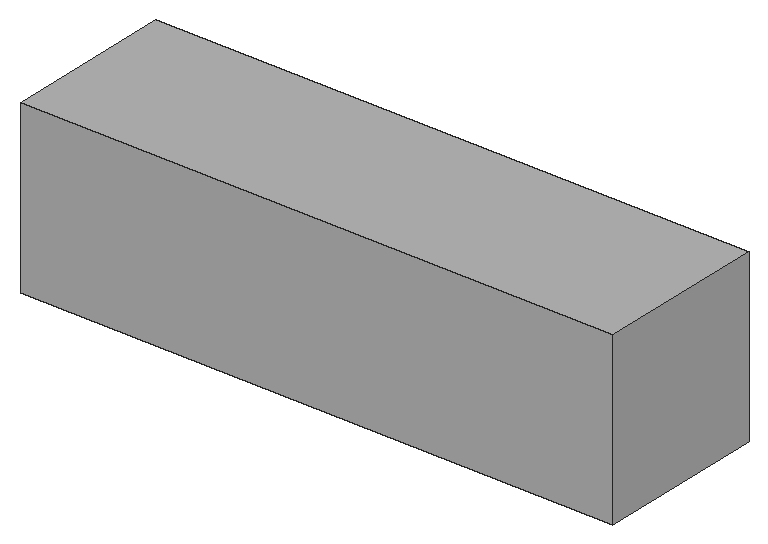
Revit family "215x215x750mm Padstone -PS115", category Generic Models, Revit 2020
Family settings
  Can host rebar = No
  Round Connector Dimension = Use Diameter
  Part Type = Normal
  Work Plane-Based = No
  Always vertical = Yes
  Cut with Voids When Loaded = No
  Shared = No
  Room Calculation Point = No
Parameters
  Weight = "84Kg"
  Warranty Guarantor Parts = "n/a"
  Warranty Guarantor Labour = "n/a"
  Warranty Duration Unit = "n/a"
  Warranty Duration Parts = "n/a"
  Warranty Duration Labour = "n/a"
  Warranty Description = "n/a"
  Unit Width [instance] = 215 mm
  Unit Length [instance] = 750 mm
  Unit Height [instance] = 215 mm
  URL = "www.killeshal.com"
  Types = "Single"
  Type Comments = "Visit our website for a full list of available products."
  Sustainability Performance = "n/a"
  Structural Class = "n/a"
  Span = "Length."
  Slope = "0.00°"
  Size = "215 Wide x 215 High x 750mm Long."
  Shape = "As per drawing"
  Service Life = "0.000000"
  Serial Number = "n/a"
  Resistance to Fire = "n/a"
  Replacement Cost = "n/a"
  Reference = "n/a"
  Notified Body = "n/a"
  Nominal Cover to Main Bar = "n/a"
  Model = "P/115 Padstone."
  Mechanical Resistance = "n/a"
  Manufacturer = "Killeshal Precast Concrete Ltd."
  Load Bearing = yes
  Life Cycle Environmental Load = "n/a"
  Length Options = "Stock sizes available. Custom sizes made to order."
  Keynote = "The information contained is the sole property of KPC Ltd., any reproduction in part or whole without permission of KPC Ltd. is prohibited."
  Environmental Product Declaration = "n/a"
  Environmental Class = "n/a"
  Durability against Corrosion = "n/a"
  Dimension Accuracy Class = "n/a"
  Detailing = "As per design specification and product drawings."
  Description = "Padstone 215 x 215 x 750mm."
  Default Elevation = 0 mm
  Dangerous Substances = "n/a"
  Contact Tel = "0035357 9353018"
  Contact Email = "sales@killeshal.com"
  Construction Type = "Precast"
  Construction Tolerance Class = "n/a"
  Compressive Strength of Concrete = "40N/mm²"
  Characteristics of Reinforcing Steel = "n/a"
  Characteristics Deflection Under Load = "n/a"
Reference planes
  plane 1 "Center (Front/Back)": y = 0
  plane 2: z = 0
  plane 3 "Center (Left/Right)": x = 0
  plane 4 "Rear": y = 107.5
  plane 5 "Front": y = -107.5
  plane 6 "Top": z = 215
Forms (mm)
  Extrusion 1, solid, material "Precast Concrete (KPC)"
    sketch origin (0, 0, 0) x (0, 1, 0) y (0, 0, 1)
      loop
        line (107.5, 0) -> (107.5, 215) -> (-107.5, 215) -> (-107.5, 0) -> (107.5, 0)
    from 0 to 750
Dimensions and locks
  "Unit Length": Extrusion 1 to Extrusion 1
  "Unit Width": Extrusion 1 to Extrusion 1
  "Unit Height": Extrusion 1 to Extrusion 1
  aligned and locked: level to plane 2
Automatic sketch dimensions
  Extrusion 1 sketch curve to level = 0 mm
  Extrusion 1 sketch curve to plane 5 "Front" = 0 mm
  Extrusion 1 sketch curve to plane 4 "Rear" = 0 mm
  Extrusion 1 sketch curve to plane 6 "Top" = 0 mm
